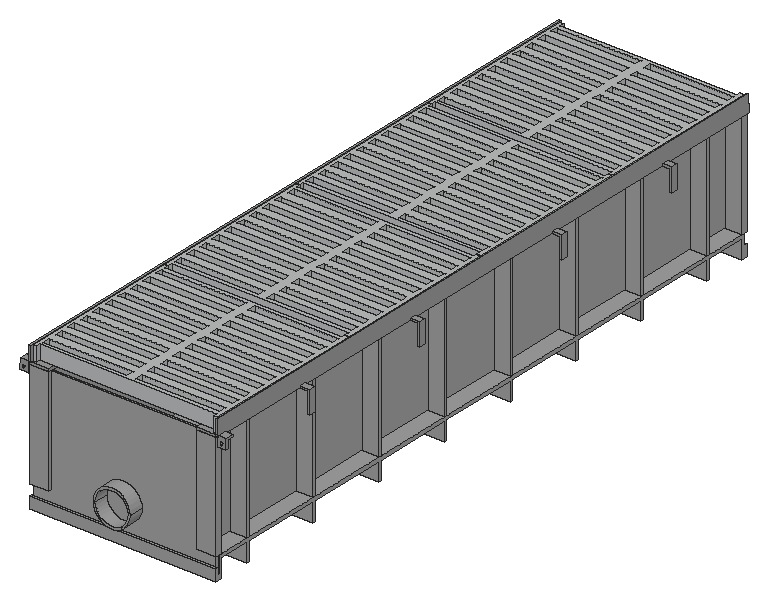
Revit family "Drain_Trench-Zurn-Z874-U-18-HDG", category Plumbing Fixtures, Revit 2022
Family settings
  Round Connector Dimension = Use Radius
  Part Type = Normal
  OmniClass Number = 23.70.50.21.24.14
  OmniClass Title = Deck Waste Water Drains
  Work Plane-Based = No
  Always vertical = Yes
  Cut with Voids When Loaded = No
  Maintain Annotation Orientation = No
  Shared = No
  Room Calculation Point = No
Parameters (values of type "Load Family Type Catalog")
  Waste Connection = 1 = 1  # yes
  WFU = 1  # constant formula
  Vent Connection = 1 = 0  # no
  URL = "www.zurn.com"
  Type Comments = "Z874-U-18-HDG With 4 Inch End outlet"
  Rotation Angle = if(Bottom Outlet, 180.00°, 90.00°)  # 90.00°
  Product data url = "https://bimobject.com/zurnindustries/product/Z874-U-18-HDG"
  Product Page URL = "https://www.zurn.com/products/drainage-interceptors/trench-drain-systems/linear-trench-drain/sports-complex-recreational/z874-u-18-hdg"
  Product Installation Sheet URL = ""
  Product Documentation Link = "https://files.zurn.com/spec-sheets/z874-u-18-hdg.pdf"
  Pipe Size_A Outer Diameter = 4.500"
  Pipe Size_A Nominal Diameter = 4.000"
  Pipe Size_A Inside Diameter = 4.026"
  Offset Distance [instance] = if(Bottom Outlet, Connector Radius + 2.750", 42.000")  # 42.000"
  Modified Date = "02/13/2026"  # constant formula
  Model = "Z874-U-18-HDG"
  Grate Material [instance] = Iron - Zurn - Galvanized- Ductile
  Manufacurer Brand = "Zurn"  # constant formula
  Manufacturer = "Zurn Water, LLC"  # constant formula
  Main Material [instance] = Polymer - Zurn - HDPE - Grey
  HWFU = 0  # constant formula
  HW Connection = 1 = 0  # no
  Frame Material = Steel - Zurn  - Galvanized
  Frame Adjustment Height [instance] = if([Enter Value-Frame Adjustment Height] < 4.000", 4.000", if([Enter Value-Frame Adjustment Height] > 31.250", 31.250", [Enter Value-Frame Adjustment Height]))  # 15.000"
  Enter Value-Frame Adjustment Height [instance] = 15.000"
  End Outlet = yes
  Description = "UTILITY TRENCH W/ GALVANIZED STEEL FRAME 18 [457] THROAT WIDTH & COVER"  # constant formula
  Default Elevation = 20.000"  # constant formula
  Date Created = "02/12/2026"  # constant formula
  Connector Visibility = no
  Connector Radius = Pipe Size_A Nominal Diameter / 2  # 2.000"
  CWFU = 0  # constant formula
  CW Connection = 1 = 0  # no
  Bottom Outlet = no
  Assembly Code = "D2040300"
Reference planes (in)
  plane 1 "Center (Front/Back)": y = 0
  plane 2: z = 0
  plane 3 "Center (Left/Right)": x = 0
  plane 4: z = 0
  plane 5: x = -11.5
  plane 6: x = 11.5
  plane 7: x = -11.25
  plane 8: x = 11.25
  plane 9: x = -9
  plane 10: x = 9
  plane 11: z = -2
  plane 12: z = -1.75
  plane 13: y = 40.28125
  plane 14: y = -40.28125
  plane 15: z = -17.75
  plane 16: z = -15
  plane 17: z = -15
  plane 18 "bottom": z = -17.75
  plane 19: x = -11.3125
  plane 20: x = 11.3125
  plane 21: z = -17.75
  plane 22: z = -15
  plane 23: z = -13
  plane 24 "End": y = -42
  plane 25: y = -42
  plane 26: z = -22.34318
  plane 27: x = -2
  plane 28: x = 2
  plane 29: z = -11
  plane 30: z = -15
  plane 31: y = 2
  plane 32: y = -2
  plane 33: y = -20
  plane 34: y = 0
  plane 35: y = 20
  plane 36: y = 39.71875
  plane 37: y = -40
  plane 38: y = 40
  plane 39: z = -4.47
Forms (in)
  Extrusion 1, solid, material "Steel - Zurn  - Galvanized" <- "Frame Material", detail levels fine
    sketch origin (0.5, 0, -1.75) x (1, 0, 0) y (0, 0, 1)
      loop
        line (8.5, -0.25) -> (11, -0.25) -> (11, 1.75) -> (10.75, 1.75) -> (10.75, 0) -> (8.5, 0) -> (8.5, -0.25)
      loop
        line (-9.5, -0.25) -> (-9.5, 0) -> (-11.75, 0) -> (-11.75, 1.75) -> (-12, 1.75) -> (-12, -0.25) -> (-9.5, -0.25)
    from -40.28125 to 40.28125
  Extrusion 2, solid, material "Polymer - Zurn - HDPE - Grey" <- "Main Material", detail levels fine
    sketch origin (-0.0023, -0.4887, 0) x (1, 0, 0) y (0, 1, 0)
      loop
        line (9.0023, -39.29255) -> (11.2523, -39.29255) -> (11.2523, -39.54255) -> (9.0023, -39.54255) -> (9.0023, -39.79255) -> (11.3148, -39.79255) -> (11.3148, -39.04255) -> (9.2523, -39.04255) -> (9.2523, -35.125) -> (11.3148, -35.125) -> (11.3148, -34.875) -> (9.2523, -34.875) -> (9.2523, -25.125) -> (11.3148, -25.125) -> (11.3148, -24.875) -> (9.2523, -24.875) -> (9.2523, -15.125) -> (11.3148, -15.125) -> (11.3148, -14.875) -> (9.2523, -14.875) -> (9.2523, -5.125) -> (11.3148, -5.125) -> (11.3148, -4.875) -> (9.2523, -4.875) -> (9.2523, 4.875) -> (11.3148, 4.875) -> (11.3148, 5.125) -> (9.2523, 5.125) -> (9.2523, 14.875) -> (11.3148, 14.875) -> (11.3148, 15.125) -> (9.2523, 15.125) -> (9.2523, 24.75188) -> (11.3148, 24.75188) -> (11.3148, 25.00188) -> (9.2523, 25.00188) -> (9.2523, 34.75188) -> (11.3148, 34.75188) -> (11.3148, 35.00188) -> (9.2523, 35.00188) -> (9.2523, 40.01995) -> (11.3148, 40.01995) -> (11.3148, 40.76995) -> (9.0023, 40.76995) -> (9.0023, 40.51995) -> (11.2523, 40.51995) -> (11.2523, 40.26995) -> (9.0023, 40.26995) -> (9.0023, -39.29255)
      loop
        line (-8.9977, -39.29255) -> (-8.9977, 40.26995) -> (-11.2477, 40.26995) -> (-11.2477, 40.51995) -> (-8.9977, 40.51995) -> (-8.9977, 40.76995) -> (-11.3102, 40.76995) -> (-11.3102, 40.01995) -> (-9.2477, 40.01995) -> (-9.2477, 35.00188) -> (-11.3102, 35.00188) -> (-11.3102, 34.75188) -> (-9.2477, 34.75188) -> (-9.2477, 25.00188) -> (-11.3102, 25.00188) -> (-11.3102, 24.75188) -> (-9.2477, 24.75188) -> (-9.2477, 15.125) -> (-11.3102, 15.125) -> (-11.3102, 14.875) -> (-9.2477, 14.875) -> (-9.2477, 5.125) -> (-11.3102, 5.125) -> (-11.3102, 4.875) -> (-9.2477, 4.875) -> (-9.2477, -4.875) -> (-11.3102, -4.875) -> (-11.3102, -5.125) -> (-9.2477, -5.125) -> (-9.2477, -14.875) -> (-11.3102, -14.875) -> (-11.3102, -15.125) -> (-9.2477, -15.125) -> (-9.2477, -24.875) -> (-11.3102, -24.875) -> (-11.3102, -25.125) -> (-9.2477, -25.125) -> (-9.2477, -34.875) -> (-11.3102, -34.875) -> (-11.3102, -35.125) -> (-9.2477, -35.125) -> (-9.2477, -39.04255) -> (-11.3102, -39.04255) -> (-11.3102, -39.79255) -> (-8.9977, -39.79255) -> (-8.9977, -39.54255) -> (-11.2477, -39.54255) -> (-11.2477, -39.29255) -> (-8.9977, -39.29255)
    from -15 to -2
  Extrusion 3, solid, material "Polymer - Zurn - HDPE - Grey" <- "Main Material", detail levels fine
    sketch origin (0, 0, -7.7389) x (0, 1, 0) y (0, 0, 1)
      loop
        line (-15.6137, -7.7611) -> (-15.6137, -10.0111) -> (-15.3637, -10.0111) -> (-15.3637, -7.7611) -> (-5.6137, -7.7611) -> (-5.6137, -10.0111) -> (-5.3637, -10.0111) -> (-5.3637, -7.7611) -> (4.3863, -7.7611) -> (4.3863, -10.0111) -> (4.6363, -10.0111) -> (4.6363, -7.7611) -> (14.3863, -7.7611) -> (14.3863, -10.0111) -> (14.6363, -10.0111) -> (14.6363, -7.7611) -> (24.26319, -7.7611) -> (24.26319, -10.0111) -> (24.51319, -10.0111) -> (24.51319, -7.7611) -> (34.26319, -7.7611) -> (34.26319, -10.0111) -> (34.51319, -10.0111) -> (34.51319, -7.7611) -> (39.53125, -7.7611) -> (39.53125, -10.0111) -> (40.28125, -10.0111) -> (40.28125, -8.5736) -> (40.03125, -8.5736) -> (40.03125, -9.3241) -> (39.78125, -9.3241) -> (39.78125, -7.2611) -> (-39.78125, -7.2611) -> (-39.78125, -9.3241) -> (-40.03125, -9.3241) -> (-40.03125, -8.5736) -> (-40.28125, -8.5736) -> (-40.28125, -10.0111) -> (-39.53125, -10.0111) -> (-39.53125, -7.7611) -> (-35.6137, -7.7611) -> (-35.6137, -10.0111) -> (-35.3637, -10.0111) -> (-35.3637, -7.7611) -> (-25.6137, -7.7611) -> (-25.6137, -10.0111) -> (-25.3637, -10.0111) -> (-25.3637, -7.7611) -> (-15.6137, -7.7611)
    from -11.3125 to 11.3125
  Extrusion 4, solid, material "Polymer - Zurn - HDPE - Grey" <- "Main Material", visible <- "Bottom Outlet", detail levels fine
    sketch origin (0, 0, 0) x (1, 0, 0) y (0, 1, 0)
      loop
        circle (0, 0) r 2.25
      loop
        circle (0, 0) r 2.013
    from -15.5 to -17.75
  Sweep 5, solid, material "Polymer - Zurn - HDPE - Grey" <- "Main Material", visible <- "Connector Visibility", detail levels fine
    path in 3D
      loop
        line (0, 0, -13) -> (0, -42, -13)
    profile origin (0, -21, -13) x (0, 0, -1) y (1, 0, 0)
      loop
        circle (0, 0) r 0.3
  Extrusion 6, solid, material "Polymer - Zurn - HDPE - Grey" <- "Main Material", visible <- "End Outlet", detail levels fine
    sketch origin (0, -0.95745, 0) x (1, 0, 0) y (0, 1, 0)
      loop
        line (-11.083, -39.0738) -> (11.083, -39.0738) -> (11.083, -38.8238) -> (-11.083, -38.8238) -> (-11.083, -39.0738)
    from -17.063 to -2
  Extrusion 7, solid, material "Polymer - Zurn - HDPE - Grey" <- "Main Material", visible <- "End Outlet", detail levels fine
    sketch origin (0, 0, 0) x (1, 0, 0) y (0, 0, 1)
      loop
        circle (0, -13) r 2.25
      loop
        circle (0, -13) r 2.013
    from 40.28125 to 42
  Extrusion 8, solid, material "Steel - Zurn  - Galvanized" <- "Frame Material", detail levels fine
    sketch origin (3, 0, -1.39468) x (1, 0, 0) y (0, 0, 1)
      loop
        line (8.5, -0.35532) -> (8.5, -0.60532) -> (9.5, -0.60532) -> (9.5, -3.07532) -> (9.75, -3.07532) -> (9.75, -0.35532) -> (8.5, -0.35532)
      loop
        line (-14.5, -0.35532) -> (-15.75, -0.35532) -> (-15.75, -3.07532) -> (-15.5, -3.07532) -> (-15.5, -0.60532) -> (-14.5, -0.60532) -> (-14.5, -0.35532)
    from 10.405 to 11.15502
  Extrusion 9, solid, material "Steel - Zurn  - Galvanized" <- "Frame Material", detail levels fine
    sketch origin (2.91829, -17.83491, -1.4875) x (1, 0, 0) y (0, 0, 1)
      loop
        line (8.58171, -0.2625) -> (8.58171, -0.5125) -> (9.58171, -0.5125) -> (9.58171, -2.9825) -> (9.83171, -2.9825) -> (9.83171, -0.2625) -> (8.58171, -0.2625)
      loop
        line (-14.41829, -0.2625) -> (-15.66829, -0.2625) -> (-15.66829, -2.9825) -> (-15.41829, -2.9825) -> (-15.41829, -0.5125) -> (-14.41829, -0.5125) -> (-14.41829, -0.2625)
    from 9.32009 to 10.0701
  Extrusion 10, solid, material "Steel - Zurn  - Galvanized" <- "Frame Material", detail levels fine
    sketch origin (10, -1.59128, -2.58238) x (1, 0, 0) y (0, 0, -1)
      loop
        line (1.5, -0.83238) -> (2.75, -0.83238) -> (2.75, 1.88762) -> (2.5, 1.88762) -> (2.5, -0.58238) -> (1.5, -0.58238) -> (1.5, -0.83238)
      loop
        line (-21.5, -0.83238) -> (-21.5, -0.58238) -> (-22.5, -0.58238) -> (-22.5, 1.88762) -> (-22.75, 1.88762) -> (-22.75, -0.83238) -> (-21.5, -0.83238)
    from 11.99628 to 12.7463
  Extrusion 11, solid, material "Steel - Zurn  - Galvanized" <- "Frame Material", detail levels fine
    sketch origin (6, 16.75, -1.28122) x (1, 0, 0) y (0, 0, -1)
      loop
        line (5.5, 0.46878) -> (6.75, 0.46878) -> (6.75, 3.21063) -> (6.5, 3.21063) -> (6.5, 0.71878) -> (5.5, 0.71878) -> (5.5, 0.46878)
      loop
        line (-17.5, 0.46878) -> (-17.5, 0.71878) -> (-18.5, 0.71878) -> (-18.5, 3.18878) -> (-18.75, 3.18878) -> (-18.75, 0.46878) -> (-17.5, 0.46878)
    from 10.405 to 11.15502
  Extrusion 12, solid, material "Steel - Zurn  - Galvanized" <- "Frame Material", detail levels fine
    sketch origin (0, 0, 0) x (0, 1, 0) y (0, 0, 1)
      loop
        line (-40.28125, -1.75) -> (-40.28125, -3) -> (-40.03125, -3) -> (-40.03125, -2) -> (-39.28125, -2) -> (-39.28125, -1.75) -> (-40.28125, -1.75)
    from 11.5 to 12.5
  Extrusion 13, solid, material "Steel - Zurn  - Galvanized" <- "Frame Material", detail levels fine
    sketch origin (0, 0, 0) x (0, 1, 0) y (0, 0, -1)
      loop
        line (-40.28125, 1.75) -> (-39.28125, 1.75) -> (-39.28125, 2) -> (-40.03125, 2) -> (-40.03125, 3) -> (-40.28125, 3) -> (-40.28125, 1.75)
    from 11.5 to 12.5
  Extrusion 14, void
    sketch origin (0, 0, 0) x (1, 0, 0) y (0, 0, 1)
      loop
        circle (12, -2.5) r 0.1875
      loop
        circle (-12, -2.5) r 0.1875
    from 39.78125 to 40.28125
Cuts and joins
  Extrusion 14 cuts Extrusion 12
  Extrusion 14 cuts Extrusion 13
Lines and regions (in)
  Masking region 1, detail levels fine
    outline origin (0, 0, 0) x (1, 0, 0) y (0, 1, 0)
      loop
        line (-11.5, -39.28125) -> (-12.5, -39.28125) -> (-12.5, -40.28125) -> (-11.5, -40.28125) -> (-11.25, -40.28125) -> (11.62571, -40.28125) -> (12.5, -40.28125) -> (12.5, -39.28125) -> (11.5, -39.28125) -> (11.5, -27.90502) -> (12.75, -27.90502) -> (12.75, -27.155) -> (11.5, -27.155) -> (11.5, -11.15502) -> (12.75, -11.15502) -> (12.75, -10.405) -> (11.5, -10.405) -> (11.5, 10.405) -> (12.75, 10.405) -> (12.75, 11.15502) -> (11.5, 11.15502) -> (11.5, 27.155) -> (12.75, 27.155) -> (12.75, 27.90502) -> (11.5, 27.90502) -> (11.5, 40.28125) -> (-11.5, 40.28125) -> (-11.5, 27.90502) -> (-12.75, 27.90502) -> (-12.75, 27.155) -> (-11.5, 27.155) -> (-11.5, 11.15502) -> (-12.75, 11.15502) -> (-12.75, 10.405) -> (-11.5, 10.405) -> (-11.5, -10.405) -> (-12.75, -10.405) -> (-12.75, -11.15502) -> (-11.5, -11.15502) -> (-11.5, -27.155) -> (-12.75, -27.155) -> (-12.75, -27.90502) -> (-11.5, -27.90502) -> (-11.5, -39.28125)
  Masking region 2, visible <- "End Outlet", detail levels fine
    outline origin (0, 0, 0) x (1, 0, 0) y (0, 1, 0)
      loop
        line (-2.25, -42) -> (2.25, -42) -> (2.25, -40.28125) -> (-2.25, -40.28125) -> (-2.25, -42)
  reference lines
    curve 1: line (0, 0, -13) -> (0, -42, -13)
  sketch lines
    curve 2: line (0, 0, -13) -> (0, -42, -13)
  model lines, detail levels coarse+medium
    curve 3: line (-11.5, -40, 0) -> (-11.5, 40, 0)
    curve 4: line (11.5, 40, 0) -> (11.5, -40, 0)
    curve 5: line (11.5, 40, 0) -> (-11.5, 40, 0)
    curve 6: line (11.3125, -40, 0) -> (11.3125, 40, 0)
    curve 7: line (-11.3125, 40, 0) -> (-11.3125, -40, 0)
    curve 8: line (-11.5, -40, 0) -> (11.5, -40, 0)
    curve 9: line (0, -40.28125, 0) -> (0, -40.28125, -15)
    curve 10: line (0, -40.28125, -15) -> (0, 40.28125, -15)
    curve 11: line (0, 40.28125, -15) -> (0, 40.28125, 0)
    curve 18: line (0, 40.28125, 0) -> (0, 40, 0)
    curve 19: line (0, -40.28125, 0) -> (0, -40, 0)
    curve 20: line (-5.65625, 40, 0) -> (-5.65625, -40, 0)
    curve 21: line (5.65625, -40, 0) -> (5.65625, 40, 0)
    curve 22: line (0, 40, 0) -> (0, -40, 0)
    curve 23: line (-11.3125, 36.36364, 0) -> (11.3125, 36.36364, 0)
    curve 24: line (-11.3125, 32.72727, 0) -> (11.3125, 32.72727, 0)
    curve 25: line (-11.3125, 29.09091, 0) -> (11.3125, 29.09091, 0)
    curve 26: line (-11.3125, 25.45455, 0) -> (11.3125, 25.45455, 0)
    curve 27: line (-11.3125, 21.81818, 0) -> (11.3125, 21.81818, 0)
    curve 28: line (-11.3125, 3.63636, 0) -> (11.3125, 3.63636, 0)
    curve 29: line (-11.3125, 7.27273, 0) -> (11.3125, 7.27273, 0)
    curve 30: line (-11.3125, 10.90909, 0) -> (11.3125, 10.90909, 0)
    curve 31: line (-11.3125, 14.54545, 0) -> (11.3125, 14.54545, 0)
    curve 32: line (-11.3125, 18.18182, 0) -> (11.3125, 18.18182, 0)
    curve 33: line (-11.3125, -36.36364, 0) -> (11.3125, -36.36364, 0)
    curve 34: line (-11.3125, -32.72727, 0) -> (11.3125, -32.72727, 0)
    curve 35: line (-11.3125, -29.09091, 0) -> (11.3125, -29.09091, 0)
    curve 36: line (-11.3125, -25.45455, 0) -> (11.3125, -25.45455, 0)
    curve 37: line (-11.3125, -21.81818, 0) -> (11.3125, -21.81818, 0)
    curve 38: line (-11.3125, -7.27273, 0) -> (11.3125, -7.27273, 0)
    curve 39: line (-11.3125, -10.90909, 0) -> (11.3125, -10.90909, 0)
    curve 40: line (-11.3125, -14.54545, 0) -> (11.3125, -14.54545, 0)
    curve 41: line (-11.3125, -18.18182, 0) -> (11.3125, -18.18182, 0)
    curve 42: line (-11.25161, 0, 0) -> (11.24839, 0, 0)
    curve 43: line (11.24839, -3.63636, 0) -> (-11.25161, -3.63636, 0)
  model lines, visible <- "Bottom Outlet", detail levels coarse+medium
    curve 12: line (0, 0, -15) -> (0, 0, -17.75)
    curve 16: line (-2, 0, -17.75) -> (2, 0, -17.75)
    curve 17: line (0, 2, -17.75) -> (0, -2, -17.75)
  model lines, visible <- "End Outlet", detail levels coarse+medium
    curve 13: line (0, -42, -13) -> (0, -40.28125, -13)
    curve 14: line (0, -42, -11) -> (0, -42, -15)
    curve 15: line (-2, -42, -13) -> (2, -42, -13)
Dimensions and locks (in)
  locked: level to plane 4
  equal spacing: plane 6, plane 3 "Center (Left/Right)", plane 5
  locked: plane 6 to plane 5 at 23
  locked: plane 7 to plane 5 at 0.25
  locked: plane 6 to plane 8 at 0.25
  equal spacing: plane 10, plane 3 "Center (Left/Right)", plane 9
  locked: plane 10 to plane 9 at 18
  locked: plane 4 to plane 11 at 2
  locked: plane 12 to plane 11 at 0.25
  equal spacing: plane 13, plane 1 "Center (Front/Back)", plane 14
  locked: plane 13 to plane 14 at 80.5625
  locked: Extrusion 3 sketch curve to Extrusion 3 sketch curve at 0.25  (x7)
  locked: plane 16 to plane 15 at 2.75
  locked: plane 17 to plane 18 "bottom" at 2.75
  plane 20 to plane 3 "Center (Left/Right)" to plane 19 = 11.3125" locked, 11.3125" locked
  locked: plane 22 to plane 21 at 2.75
  "Offset Distance": curve 1 to curve 1
  locked: plane 1 "Center (Front/Back)" to plane 24 "End" at 42
  locked: plane 25 to plane 24 "End"
  plane 13 to plane 1 "Center (Front/Back)" to plane 14 = 40.28125" locked, 40.28125" locked
  locked: Extrusion 1 to Extrusion 2 sketch curve at 0.25  (x2)
  locked: Extrusion 2 sketch curve to Extrusion 2 sketch curve at 0.25  (x18)
  Extrusion 2 sketch curve to Extrusion 1 = 0.250"
  locked: Extrusion 2 sketch curve to Extrusion 1 at 0.25
  locked: Extrusion 6 sketch curve to Extrusion 6 sketch curve at 0.25
  level to plane 22 = 15.000"
  "Frame Adjustment Height": level to plane 17
  plane 11 to plane 17 = 13.000"
  "Connector Radius": plane 23 to plane 17
  locked: Extrusion 3 sketch curve to Extrusion 3 sketch curve at 0.687
  locked: Extrusion 3 sketch curve to Extrusion 3 sketch curve at 1.4375
  locked: Extrusion 3 sketch curve to Extrusion 2 at 0.5
  locked: Extrusion 8 to Extrusion 8 at 0.75002
  locked: Extrusion 8 to Extrusion 8 at 0.25
  locked: Extrusion 8 sketch curve to Extrusion 8 sketch curve at 0.25  (x2)
  locked: Extrusion 8 sketch curve to plane 6 at 1
  locked: plane 5 to Extrusion 8 sketch curve at 1
  locked: Extrusion 9 to Extrusion 9 at 0.75002
  locked: Extrusion 9 to Extrusion 9 at 0.25
  locked: Extrusion 9 sketch curve to Extrusion 9 sketch curve at 0.25  (x2)
  locked: Extrusion 10 to Extrusion 10 at 0.75002
  locked: Extrusion 10 to Extrusion 10 at 0.25
  locked: Extrusion 10 sketch curve to Extrusion 10 sketch curve at 0.25  (x2)
  locked: Extrusion 11 to Extrusion 11 at 0.75002
  locked: Extrusion 11 sketch curve to Extrusion 11 sketch curve at 0.25  (x2)
  locked: Extrusion 12 sketch curve to Extrusion 12 sketch curve at 1
  locked: Extrusion 12 sketch curve to Extrusion 12 sketch curve at 1.25
  locked: Extrusion 12 sketch curve to Extrusion 2 at 0.25
  locked: Extrusion 12 to plane 6 at 1
  locked: Extrusion 13 sketch curve to Extrusion 13 sketch curve at 1
  locked: Extrusion 13 sketch curve to Extrusion 13 sketch curve at 1.25
  locked: Extrusion 13 to plane 5 at 1
  Extrusion 13 sketch curve to Extrusion 13 sketch curve to Extrusion 13 sketch curve = 0.250" locked, 0.750" locked
  locked: plane 11 to Extrusion 14 sketch curve at 0.5  (x2)
  locked: Extrusion 14 sketch curve to plane 6 at 0.5
  locked: plane 5 to Extrusion 14 sketch curve at 0.5
  equal spacing: plane 28, plane 3 "Center (Left/Right)", plane 27
  "Pipe Size_A Nominal Diameter": plane 28 to plane 27
  equal spacing: plane 29, plane 23, plane 30
  "Pipe Size_A Nominal Diameter": plane 29 to plane 30
  equal spacing: plane 32, plane 1 "Center (Front/Back)", plane 31
  "Pipe Size_A Nominal Diameter": plane 32 to plane 31
  plane 14 to Extrusion 9 to Extrusion 9 to Extrusion 8 to Extrusion 8 to Extrusion 10 to Extrusion 10 to Extrusion 11 to Extrusion 11 to plane 13 = 12.37623" locked, 0.75002" locked, 15.99998" locked, 0.75002" locked, 20.810" locked, 0.75002" locked, 15.99998" locked, 0.75002" locked, 12.37623" locked
  plane 13 to Extrusion 11 to Extrusion 11 to Extrusion 10 to Extrusion 10 to Extrusion 8 to Extrusion 8 to Extrusion 9 to Extrusion 9 to plane 14 = 12.37623" locked, 0.75002" locked, 15.99998" locked, 0.75002" locked, 20.810" locked, 0.75002" locked, 15.99998" locked, 0.75002" locked, 12.37623" locked
  locked: plane 1 "Center (Front/Back)" to Extrusion 10 at 10.405
  locked: Extrusion 8 to plane 1 "Center (Front/Back)" at 10.405
  Extrusion 9 to Extrusion 9 = 0.250"
  equal spacing: Masking region 2 sketch curve, plane 3 "Center (Left/Right)", Masking region 2 sketch curve
  "Pipe Size_A Outer Diameter": Masking region 2 sketch curve to Masking region 2 sketch curve
  equal spacing: plane 38, plane 35, plane 34, plane 33, plane 37, locked at 20 each
  equal spacing: curve 7, curve 20, curve 10, curve 21, curve 6, locked at 5.65625 each
  locked: plane 7 to plane 3 "Center (Left/Right)" at 11.25
  equal spacing: curve 5, curve 23, curve 24, curve 25, curve 26, curve 27, curve 32, curve 31, curve 30, curve 29, curve 28, curve 42, curve 43, curve 38, curve 39, curve 40, curve 41, curve 37, curve 36, curve 35, curve 34, curve 33, curve 8, locked at 3.63636 each
  locked: plane 12 to plane 39 at 2.72
  locked: Extrusion 2 sketch curve to Extrusion 2 sketch curve at 3.91755
  locked: Extrusion 2 sketch curve to nested 1 at 9.6244
  locked: Extrusion 2 sketch curve to Extrusion 2 sketch curve at 9.75  (x5)
  locked: Extrusion 2 sketch curve to Extrusion 2 sketch curve at 9.62688
  locked: Extrusion 2 sketch curve to Extrusion 2 sketch curve at 5.26806
  "Pipe Size_A Outer Diameter": diameter of Extrusion 4 sketch curve
  "Pipe Size_A Inside Diameter": diameter of Extrusion 4 sketch curve
  "Pipe Size_A Outer Diameter": diameter of Extrusion 7 sketch curve
  "Pipe Size_A Inside Diameter": diameter of Extrusion 7 sketch curve
  "Rotation Angle": angle curve 1 to plane 1 "Center (Front/Back)"
  aligned and locked: plane 2 to level
  aligned and locked: Extrusion 1 sketch curve to plane 4
  aligned and locked: plane 4 to Extrusion 1 sketch curve
  aligned and locked: plane 5 to Extrusion 1 sketch curve
  aligned and locked: Extrusion 1 sketch curve to plane 7
  aligned and locked: plane 6 to Extrusion 1 sketch curve
  aligned and locked: Extrusion 1 sketch curve to plane 8
  aligned and locked: Extrusion 1 sketch curve to plane 9
  aligned and locked: Extrusion 1 sketch curve to plane 10
  aligned and locked: Extrusion 1 sketch curve to plane 11
  aligned and locked: plane 12 to Extrusion 1 sketch curve
  aligned and locked: plane 11 to Extrusion 1 sketch curve
  aligned and locked: Extrusion 1 sketch curve to plane 12
  aligned and locked: Extrusion 1 to plane 13
  aligned and locked: plane 14 to Extrusion 1
  aligned and locked: Extrusion 2 sketch curve to Extrusion 2 sketch curve  (x44)
  aligned and locked: plane 11 to Extrusion 2
  aligned and locked: Extrusion 3 sketch curve to Extrusion 3 sketch curve  (x12)
  aligned and locked: plane 15 to Extrusion 3 sketch curve  (x4)
  aligned and locked: Extrusion 3 sketch curve to plane 15  (x3)
  aligned and locked: plane 20 to Extrusion 2  (x2)
  aligned and locked: Extrusion 2 to plane 17
  aligned and locked: Extrusion 2 sketch curve to plane 20
  aligned and locked: plane 20 to Extrusion 2 sketch curve
  aligned and locked: plane 21 to Extrusion 3 sketch curve
  aligned and locked: Extrusion 3 sketch curve to plane 22
  aligned and locked: plane 17 to plane 22
  aligned and locked: plane 15 to plane 18 "bottom"
  aligned and locked: plane 1 "Center (Front/Back)" to curve 1
  aligned and locked: plane 23 to curve 1
  aligned and locked: profile plane to Sweep 5 sketch curve  (x2)
  aligned and locked: plane 3 "Center (Left/Right)" to Extrusion 4 sketch curve
  aligned and locked: plane 1 "Center (Front/Back)" to Extrusion 4 sketch curve
  aligned and locked: Extrusion 3 sketch curve to plane 13
  aligned and locked: Extrusion 3 sketch curve to plane 14
  aligned and locked: Extrusion 2 sketch curve to plane 14
  aligned and locked: Extrusion 2 sketch curve to plane 13
  aligned and locked: plane 11 to Extrusion 6
  aligned and locked: plane 23 to Extrusion 7 sketch curve  (x2)
  aligned and locked: plane 3 "Center (Left/Right)" to Extrusion 7 sketch curve  (x2)
  aligned and locked: Extrusion 7 to plane 25
  aligned and locked: Extrusion 7 to plane 14
  aligned and locked: Extrusion 6 to Extrusion 3
  aligned and locked: Extrusion 4 to plane 18 "bottom"
  aligned and locked: Extrusion 4 to Extrusion 3
  aligned and locked: plane 6 to Extrusion 8 sketch curve
  aligned and locked: Extrusion 8 sketch curve to plane 12
  aligned and locked: plane 11 to Extrusion 8 sketch curve
  aligned and locked: plane 12 to Extrusion 8 sketch curve
  aligned and locked: Extrusion 8 sketch curve to plane 11
  aligned and locked: Extrusion 12 sketch curve to plane 12
  aligned and locked: Extrusion 12 sketch curve to plane 11
  aligned and locked: Extrusion 12 to plane 6
  aligned and locked: plane 12 to Extrusion 13 sketch curve
  aligned and locked: plane 11 to Extrusion 13 sketch curve
  aligned and locked: Extrusion 1 to Extrusion 14
  aligned and locked: Extrusion 14 to Extrusion 2
  aligned and locked: plane 5 to curve 3
  aligned and locked: curve 4 to plane 6
  aligned and locked: plane 13 to curve 11
  aligned and locked: plane 17 to curve 10
  aligned and locked: curve 9 to plane 14
  aligned and locked: plane 17 to curve 12
  aligned and locked: plane 18 "bottom" to curve 12
  aligned and locked: plane 1 "Center (Front/Back)" to curve 12
  aligned and locked: plane 25 to curve 13
  aligned and locked: plane 14 to curve 13
  aligned and locked: curve 13 to plane 23
  aligned and locked: plane 28 to curve 15
  aligned and locked: plane 27 to curve 15
  aligned and locked: curve 15 to plane 23
  aligned and locked: plane 29 to curve 14
  aligned and locked: plane 30 to curve 14
  aligned and locked: curve 14 to plane 3 "Center (Left/Right)"
  aligned and locked: plane 27 to curve 16
  aligned and locked: plane 28 to curve 16
  aligned and locked: plane 1 "Center (Front/Back)" to curve 16
  aligned and locked: plane 31 to curve 17
  aligned and locked: plane 32 to curve 17
  aligned and locked: curve 17 to plane 3 "Center (Left/Right)"
  aligned and locked: Extrusion 9 sketch curve to plane 12
  aligned and locked: plane 11 to Extrusion 9 sketch curve
  aligned and locked: Extrusion 9 sketch curve to plane 11
  aligned and locked: plane 12 to Extrusion 11
  aligned and locked: plane 12 to Extrusion 10
  aligned and locked: plane 12 to Extrusion 8
  aligned and locked: plane 12 to Extrusion 9
  aligned and locked: plane 6 to Extrusion 9 sketch curve
  aligned and locked: Extrusion 9 sketch curve to Extrusion 8  (x3)
  aligned and locked: Extrusion 11 sketch curve to plane 12
  aligned and locked: plane 11 to Extrusion 11 sketch curve
  aligned and locked: plane 6 to Extrusion 11 sketch curve
  aligned and locked: Extrusion 11 sketch curve to Extrusion 8  (x2)
  aligned and locked: plane 12 to Extrusion 11 sketch curve
  aligned and locked: Extrusion 11 sketch curve to plane 11
  aligned and locked: plane 5 to Extrusion 11 sketch curve
  aligned and locked: plane 5 to Extrusion 9 sketch curve
  aligned and locked: Extrusion 10 sketch curve to plane 12
  aligned and locked: plane 11 to Extrusion 10 sketch curve
  aligned and locked: plane 6 to Extrusion 10 sketch curve
  aligned and locked: Extrusion 10 sketch curve to Extrusion 9  (x3)
  aligned and locked: Extrusion 9 to Extrusion 10 sketch curve
  aligned and locked: plane 12 to Extrusion 10 sketch curve
  aligned and locked: Extrusion 10 sketch curve to plane 11
  aligned and locked: plane 5 to Extrusion 10 sketch curve
  aligned and locked: Masking region 1 sketch curve to cut or joined group of Extrusion 13, Extrusion 14  (x3)
  aligned and locked: Masking region 1 sketch curve to cut or joined group of Extrusion 12, Extrusion 14  (x2)
  aligned and locked: cut or joined group of Extrusion 12, Extrusion 14 to Masking region 1 sketch curve
  aligned and locked: Masking region 1 sketch curve to Extrusion 1  (x3)
  aligned and locked: Masking region 1 sketch curve to Extrusion 9  (x7)
  aligned and locked: Masking region 1 sketch curve to Extrusion 8  (x7)
  aligned and locked: Extrusion 9 to Masking region 1 sketch curve  (x2)
  aligned and locked: Extrusion 8 to Masking region 1 sketch curve
  aligned and locked: Extrusion 7 to Masking region 2 sketch curve  (x2)
  aligned and locked: plane 10 to Extrusion 2 sketch curve  (x2)
  aligned and locked: plane 9 to Extrusion 2 sketch curve  (x2)
  aligned and locked: nested 1 to plane 12
  aligned and locked: plane 12 to nested 2
  aligned and locked: nested 3 to plane 12
  aligned and locked: nested 4 to plane 38
  aligned and locked: plane 35 to nested 3
  aligned and locked: plane 34 to nested 2
  aligned and locked: plane 37 to nested 1
  aligned and locked: plane 12 to nested 4
  aligned and locked: curve 8 to plane 37
  aligned and locked: plane 4 to curve 19
  aligned and locked: curve 18 to plane 4
  aligned and locked: plane 37 to curve 20
  aligned and locked: plane 38 to curve 20
  aligned and locked: curve 18 to curve 22
  aligned and locked: plane 19 to curve 23
  aligned and locked: plane 20 to curve 26
  aligned and locked: plane 20 to curve 27
  aligned and locked: Extrusion 3 to plane 19
  aligned and locked: plane 20 to Extrusion 3
  aligned and locked: Extrusion 8 to Extrusion 9  (x2)
  aligned and locked: Extrusion 8 to plane 39
  aligned and locked: Masking region 1 to plane 5
  aligned and locked: Extrusion 1 to Masking region 1
  aligned and locked: Masking region 1 to Extrusion 11  (x4)
  aligned and locked: Extrusion 11 to Masking region 1  (x2)
  aligned and locked: Extrusion 10 to Masking region 1  (x2)
  aligned and locked: Masking region 1 to Extrusion 10  (x4)
  aligned and locked: Extrusion 2 sketch curve to nested 1  (x2)
  aligned and locked: plane 8 to Extrusion 2 sketch curve
  aligned and locked: Extrusion 2 sketch curve to plane 10
  aligned and locked: plane 7 to Extrusion 2 sketch curve
  aligned and locked: Extrusion 2 sketch curve to plane 9
Automatic sketch dimensions
  curve 19 to plane 37 = 0.000"
  curve 18 to plane 38 = 0.000"
  Extrusion 3 sketch curve to Extrusion 3 sketch curve = 3.91755"
  Extrusion 3 sketch curve to Extrusion 3 sketch curve = 0.250"  (x7)
  Extrusion 3 sketch curve to plane 33 = 5.6137"
  plane 33 to Extrusion 3 sketch curve = 4.3863"
  plane 32 to Extrusion 3 sketch curve = 3.6137"
  Extrusion 3 sketch curve to plane 31 = 2.3863"
  Extrusion 3 sketch curve to plane 35 = 5.6137"
  plane 35 to Extrusion 3 sketch curve = 4.26319"
  Extrusion 3 sketch curve to Extrusion 3 sketch curve = 5.26806"
  plane 7 to Extrusion 6 sketch curve = 0.167"
  Extrusion 6 sketch curve to plane 8 = 0.167"
  Extrusion 8 sketch curve to plane 5 = 0.000"
  Extrusion 8 sketch curve to plane 11 = 2.470"  (x2)
  Extrusion 9 sketch curve to plane 11 = 2.470"
  plane 6 to Extrusion 11 sketch curve = 1.000"
  Extrusion 11 sketch curve to Extrusion 11 sketch curve = 2.49185"
  Extrusion 11 sketch curve to Extrusion 11 sketch curve = 0.000"  (x2)
  Extrusion 12 sketch curve to plane 37 = 0.03125"
  Extrusion 13 sketch curve to plane 14 = 0.000"
  Masking region 1 sketch curve to plane 5 = 0.000"  (x2)
  Masking region 1 sketch curve to plane 7 = 0.000"
  plane 6 to Masking region 1 sketch curve = 0.12571"
  curve 42 to plane 7 = 0.00161"
  curve 43 to plane 7 = 0.00161"
  curve 43 to plane 8 = 0.00161"
  curve 42 to plane 8 = 0.00161"
  Extrusion 2 sketch curve to plane 19 = 0.000"  (x4)
  plane 13 to Extrusion 2 sketch curve = 0.000"
  plane 14 to Extrusion 2 sketch curve = 0.000"
  Extrusion 2 sketch curve to plane 20 = 0.000"  (x2)
  plane 5 to Masking region 1 sketch curve = 0.000"
  Masking region 1 sketch curve to plane 6 = 0.000"  (x2)
  Masking region 1 sketch curve to Masking region 1 sketch curve = 1.250"  (x2)
  plane 6 to Masking region 1 sketch curve = 1.250"  (x2)
  Masking region 1 sketch curve to plane 31 = 8.405"  (x2)
  Masking region 1 sketch curve to Masking region 1 sketch curve = 0.75002"  (x4)
  Extrusion 9 sketch curve to plane 12 = 0.000"
  plane 35 to Masking region 1 sketch curve = 7.155"  (x2)
  Extrusion 6 sketch curve to plane 37 = 0.03125"
  Extrusion 4 sketch curve to Extrusion 4 sketch curve = 0.000"  (x2)
  radius of Sweep 5 sketch curve = 0.300"
  radius of Extrusion 14 sketch curve = 0.1875"  (x2)
Nested families (in)
  nested 1: "Grate" at (0, -30, 0), Material_Grate <- "Grate Material", type "Grate", detail levels fine
    with Material_Grate Iron - Zurn - Galvanized- Ductile, Frame Adjustment Height 3.063", Enter Value-Frame Adjustment Height 0.000"
  nested 2: "Grate" at (0, -10, 0), Material_Grate <- "Grate Material", type "Grate", detail levels fine
    with Material_Grate Iron - Zurn - Galvanized- Ductile, Frame Adjustment Height 3.063", Enter Value-Frame Adjustment Height 0.000"
  nested 3: "Grate" at (0, 10, 0), Material_Grate <- "Grate Material", type "Grate", detail levels fine
    with Material_Grate Iron - Zurn - Galvanized- Ductile, Frame Adjustment Height 3.063", Enter Value-Frame Adjustment Height 0.000"
  nested 4: "Grate" at (0, 30, 0), Material_Grate <- "Grate Material", type "Grate", detail levels fine
    with Material_Grate Iron - Zurn - Galvanized- Ductile, Frame Adjustment Height 3.063", Enter Value-Frame Adjustment Height 0.000"
Connectors (in)
  piping at (0, -42, -13), diameter 4, driven by "Connector Radius", driven by "Waste Connection"
    settings: on Sweep 5, index 1, connector inside diameter 24", connector length 0.000", flow factor 0, pipe flow 0 GPM, pressure drop 0.00 psi, fitting loss kfactor 0, connector angle 0.00°, fixture units 0, engagement length 0.000", angle of deflection 0.00°, flow configuration 0, flow direction 2, fitting loss method 0, system type 16, joint type 0, gender type 0, connector reference index -1, connector utility 1, adjustable connector no, is connector primary yes, connector description "Sanitary Outlet"
Definition of nested family "Grate"
  Parameters (values of type "Grate")
    Waste Connection = 1 = 1  # yes
    WFU = 1  # constant formula
    Vent Connection = 1 = 0  # no
    URL = "www.zurn.com"
    Product data url = ""
    Product Page URL = ""
    Product Installation Sheet URL = ""
    Product Documentation Link = ""
    Pipe Size_A Outer Diameter = 0.000"
    Pipe Size_A Nominal Diameter = 0.000"
    Pipe Size_A Inside Diameter = 0.000"
    Modified Date = ""
    Material_Grate [instance] = none
    Manufacurer Brand = "Zurn"  # constant formula
    Manufacturer = "Zurn Water, LLC"  # constant formula
    Main Material = none
    HWFU = 0  # constant formula
    HW Connection = 1 = 0  # no
    Grate Open Area = 0 mm
    Frame Adjustment Height [instance] = if([Enter Value-Frame Adjustment Height] < 3.063", 3.063", if([Enter Value-Frame Adjustment Height] > 5.000", 5.000", [Enter Value-Frame Adjustment Height]))  # 3.063"
    Enter Value-Frame Adjustment Height [instance] = 0.000"
    Default Elevation = 20.000"  # constant formula
    Date Created = ""
    Connector Radius = Pipe Size_A Nominal Diameter / 2  # 0.000"
    CWFU = 0  # constant formula
    CW Connection = 1 = 0  # no
    Body Height_E = 0.000"
    Assembly Code = ""
    Approx. Weight (Lbs) = 0.000"
  Reference planes (in)
    plane 1 "Center (Front/Back)": y = 0
    plane 2: z = 0
    plane 3 "Center (Left/Right)": x = 0
    plane 4: y = -17.64041
    plane 5: y = -18.85253
    plane 6: x = 10.75
    plane 7: x = -10.75
    plane 8: x = -0.5
    plane 9: x = 0.5
    plane 10: y = -10
    plane 11: y = -10
    plane 12: y = -8.09524
    plane 13: y = -9.04762
    plane 14: y = -6.19048
    plane 15: y = -7.14286
    plane 16: y = -4.28571
    plane 17: y = -5.2381
    plane 18: y = 8.09524
    plane 19: y = 9.04762
    plane 20: y = 6.19048
    plane 21: y = 7.14286
    plane 22: y = 4.28571
    plane 23: y = 5.2381
    plane 24: y = 2.38095
    plane 25: y = 3.33333
    plane 26: y = 0.47619
    plane 27: y = 1.42857
    plane 28: y = -1.42857
    plane 29: y = -0.47619
    plane 30: y = -3.33333
    plane 31: y = -2.38095
    plane 32: y = 10
    plane 33: x = -11.25
    plane 34: x = 11.25
  Forms (in)
    Extrusion 1, solid, material <- "Material_Grate", detail levels fine
      sketch origin (32.60582, 37.7453, 0) x (1, 0, 0) y (0, 1, 0)
        loop
          line (-43.85582, -27.7453) -> (-43.85582, -47.7453) -> (-43.35582, -47.7453) -> (-43.35582, -47.2453) -> (-21.85582, -47.2453) -> (-21.85582, -47.7453) -> (-21.35582, -47.7453) -> (-21.35582, -27.7453) -> (-21.85582, -27.7453) -> (-21.85582, -28.2453) -> (-43.35582, -28.2453) -> (-43.35582, -27.7453) -> (-43.85582, -27.7453)
        loop
          line (-21.85582, -46.79292) -> (-21.85582, -45.84054) -> (-32.10582, -45.84054) -> (-32.10582, -46.79292) -> (-21.85582, -46.79292)
        loop
          line (-21.85582, -44.88816) -> (-21.85582, -43.93578) -> (-32.10582, -43.93578) -> (-32.10582, -44.88816) -> (-21.85582, -44.88816)
        loop
          line (-21.85582, -42.9834) -> (-21.85582, -42.03102) -> (-32.10582, -42.03102) -> (-32.10582, -42.9834) -> (-21.85582, -42.9834)
        loop
          line (-21.85582, -28.69768) -> (-32.10582, -28.69768) -> (-32.10582, -29.65006) -> (-21.85582, -29.65006) -> (-21.85582, -28.69768)
        loop
          line (-21.85582, -30.60244) -> (-32.10582, -30.60244) -> (-32.10582, -31.55482) -> (-21.85582, -31.55482) -> (-21.85582, -30.60244)
        loop
          line (-21.85582, -32.50721) -> (-32.10582, -32.50721) -> (-32.10582, -33.45959) -> (-21.85582, -33.45959) -> (-21.85582, -32.50721)
        loop
          line (-21.85582, -34.41197) -> (-32.10582, -34.41197) -> (-32.10582, -35.36435) -> (-21.85582, -35.36435) -> (-21.85582, -34.41197)
        loop
          line (-21.85582, -36.31673) -> (-32.10582, -36.31673) -> (-32.10582, -37.26911) -> (-21.85582, -37.26911) -> (-21.85582, -36.31673)
        loop
          line (-21.85582, -38.22149) -> (-32.10582, -38.22149) -> (-32.10582, -39.17387) -> (-21.85582, -39.17387) -> (-21.85582, -38.22149)
        loop
          line (-43.35582, -46.79292) -> (-33.10582, -46.79292) -> (-33.10582, -45.84054) -> (-43.35582, -45.84054) -> (-43.35582, -46.79292)
        loop
          line (-43.35582, -44.88816) -> (-33.10582, -44.88816) -> (-33.10582, -43.93578) -> (-43.35582, -43.93578) -> (-43.35582, -44.88816)
        loop
          line (-43.35582, -42.9834) -> (-33.10582, -42.9834) -> (-33.10582, -42.03102) -> (-43.35582, -42.03102) -> (-43.35582, -42.9834)
        loop
          line (-43.35582, -28.69768) -> (-43.35582, -29.65006) -> (-33.10582, -29.65006) -> (-33.10582, -28.69768) -> (-43.35582, -28.69768)
        loop
          line (-43.35582, -30.60244) -> (-43.35582, -31.55482) -> (-33.10582, -31.55482) -> (-33.10582, -30.60244) -> (-43.35582, -30.60244)
        loop
          line (-43.35582, -32.50721) -> (-43.35582, -33.45959) -> (-33.10582, -33.45959) -> (-33.10582, -32.50721) -> (-43.35582, -32.50721)
        loop
          line (-43.35582, -34.41197) -> (-43.35582, -35.36435) -> (-33.10582, -35.36435) -> (-33.10582, -34.41197) -> (-43.35582, -34.41197)
        loop
          line (-43.35582, -36.31673) -> (-43.35582, -37.26911) -> (-33.10582, -37.26911) -> (-33.10582, -36.31673) -> (-43.35582, -36.31673)
        loop
          line (-43.35582, -38.22149) -> (-43.35582, -39.17387) -> (-33.10582, -39.17387) -> (-33.10582, -38.22149) -> (-43.35582, -38.22149)
        loop
          line (-21.85582, -40.12625) -> (-32.10582, -40.12625) -> (-32.10582, -41.07863) -> (-21.85582, -41.07863) -> (-21.85582, -40.12625)
        loop
          line (-43.35582, -40.12625) -> (-43.35582, -41.07863) -> (-33.10582, -41.07863) -> (-33.10582, -40.12625) -> (-43.35582, -40.12625)
      from -1.75 to 0
  Dimensions and locks (in)
    locked: plane 5 to plane 4 at 1.21212
    plane 8 to plane 3 "Center (Left/Right)" to plane 9 = 0.500" locked, 0.500" locked
    locked: Extrusion 1 sketch curve to Extrusion 1 sketch curve at 0.5
    plane 33 to plane 3 "Center (Left/Right)" to plane 34 = 11.250" locked, 11.250" locked
    locked: plane 33 to plane 7 at 0.5
    locked: plane 6 to plane 34 at 0.5
    equal spacing: plane 32, plane 1 "Center (Front/Back)", plane 11, locked at 10 each
    equal spacing: plane 32, plane 19, plane 18, plane 21, plane 20, plane 23, plane 22, plane 25, plane 24, plane 27, plane 26, plane 29, plane 28, plane 31, plane 30, plane 16, plane 17, plane 14, plane 15, plane 12, plane 13, plane 11, locked at 0.95238 each
    aligned and locked: plane 2 to level
    aligned and locked: Extrusion 1 sketch curve to Extrusion 1 sketch curve
    aligned and locked: plane 13 to Extrusion 1 sketch curve
    aligned and locked: Extrusion 1 sketch curve to plane 12
    aligned and locked: plane 15 to Extrusion 1 sketch curve
    aligned and locked: Extrusion 1 sketch curve to plane 14
    aligned and locked: plane 17 to Extrusion 1 sketch curve
    aligned and locked: Extrusion 1 sketch curve to plane 16
    aligned and locked: plane 7 to Extrusion 1 sketch curve  (x8)
    aligned and locked: Extrusion 1 sketch curve to plane 7  (x4)
    aligned and locked: plane 8 to Extrusion 1 sketch curve  (x3)
    aligned and locked: Extrusion 1 sketch curve to plane 8  (x6)
    aligned and locked: Extrusion 1 sketch curve to plane 9  (x7)
    aligned and locked: plane 9 to Extrusion 1 sketch curve  (x4)
    aligned and locked: plane 6 to Extrusion 1 sketch curve  (x11)
    aligned and locked: Extrusion 1 sketch curve to plane 19  (x2)
    aligned and locked: Extrusion 1 sketch curve to plane 18
    aligned and locked: plane 18 to Extrusion 1 sketch curve
    aligned and locked: Extrusion 1 sketch curve to plane 21  (x2)
    aligned and locked: Extrusion 1 sketch curve to plane 20
    aligned and locked: plane 20 to Extrusion 1 sketch curve
    aligned and locked: Extrusion 1 sketch curve to plane 23  (x2)
    aligned and locked: plane 22 to Extrusion 1 sketch curve  (x2)
    aligned and locked: Extrusion 1 sketch curve to plane 25  (x2)
    aligned and locked: Extrusion 1 sketch curve to plane 24
    aligned and locked: Extrusion 1 sketch curve to plane 27  (x2)
    aligned and locked: plane 26 to Extrusion 1 sketch curve
    aligned and locked: Extrusion 1 sketch curve to plane 26
    aligned and locked: Extrusion 1 sketch curve to plane 29  (x2)
    aligned and locked: plane 28 to Extrusion 1 sketch curve
    aligned and locked: Extrusion 1 sketch curve to plane 28
    aligned and locked: plane 16 to Extrusion 1 sketch curve
    aligned and locked: plane 14 to Extrusion 1 sketch curve
    aligned and locked: Extrusion 1 sketch curve to plane 15
    aligned and locked: plane 12 to Extrusion 1 sketch curve
    aligned and locked: Extrusion 1 sketch curve to plane 13
    aligned and locked: Extrusion 1 sketch curve to plane 6
    aligned and locked: Extrusion 1 sketch curve to plane 17
    aligned and locked: Extrusion 1 sketch curve to plane 31  (x2)
    aligned and locked: plane 30 to Extrusion 1 sketch curve
    aligned and locked: Extrusion 1 sketch curve to plane 30
    aligned and locked: plane 24 to Extrusion 1 sketch curve
    aligned and locked: plane 10 to plane 11
    aligned and locked: Extrusion 1 sketch curve to plane 32  (x2)
    aligned and locked: Extrusion 1 sketch curve to plane 33
    aligned and locked: Extrusion 1 sketch curve to plane 34
    aligned and locked: plane 11 to Extrusion 1 sketch curve
Types in the file's own list only (10): name | Type Comments | Rotation Angle | Pipe Size_A Outer Diameter | Pipe Size_A Nominal Diameter | Pipe Size_A Inside Diameter | End Outlet | Default Elevation | Connector Radius | Bottom Outlet
  Z874-U-18-HDG E2 | "Z874-U-18-HDG With 2 Inch End outlet" | 90.00° | 2.375 " | 2.000 " | 2.067 " | Yes | 20.000 " | 1.000 " | No
  Z874-U-18-HDG E4 | "Z874-U-18-HDG With 4 Inch End outlet" | 90.00° | 4.500 " | 4.000 " | 4.026 " | Yes | 20.000 " | 2.000 " | No
  Z874-U-18-HDG E6 | "Z874-U-18-HDG With 6 Inch End outlet" | 90.00° | 6.625 " | 6.000 " | 6.065 " | Yes | 20.000 " | 3.000 " | No
  Z874-U-18-HDG E8 | "Z874-U-18-HDG With 8 Inch End outlet" | 90.00° | 8.625 " | 8.000 " | 7.981 " | Yes | 20.000 " | 4.000 " | No
  Z874-U-18-HDG E10 | "Z874-U-18-HDG With 10 Inch End outlet" | 90.00° | 10.750 " | 10.000 " | 10.020 " | Yes | 20.000 " | 5.000 " | No
  Z874-U-18-HDG U4 | "Z874-U-18-HDG With 4 Inch Bottom Outlet" | 180.00° | 4.500 " | 4.000 " | 4.026 " | No | 20.000 " | 2.000 " | Yes
  Z874-U-18-HDG U6 | "Z874-U-18-HDG With 6 Inch Bottom Outlet" | 180.00° | 6.625 " | 6.000 " | 6.065 " | No | 20.000 " | 3.000 " | Yes
  Z874-U-18-HDG U8 | "Z874-U-18-HDG With 8 Inch Bottom Outlet" | 180.00° | 8.625 " | 8.000 " | 7.981 " | No | 20.000 " | 4.000 " | Yes
  Z874-U-18-HDG U12 | "Z874-U-18-HDG With 12 Inch Bottom Outlet" | 180.00° | 12.750 " | 12.000 " | 12.000 " | No | 20.000 " | 6.000 " | Yes
  Z874-U-18-HDG U15 | "Z874-U-18-HDG With 15 Inch Bottom Outlet" | 180.00° | 15.000 " | 15.000 " | 13.312 " | No | 20.000 " | 7.500 " | Yes
